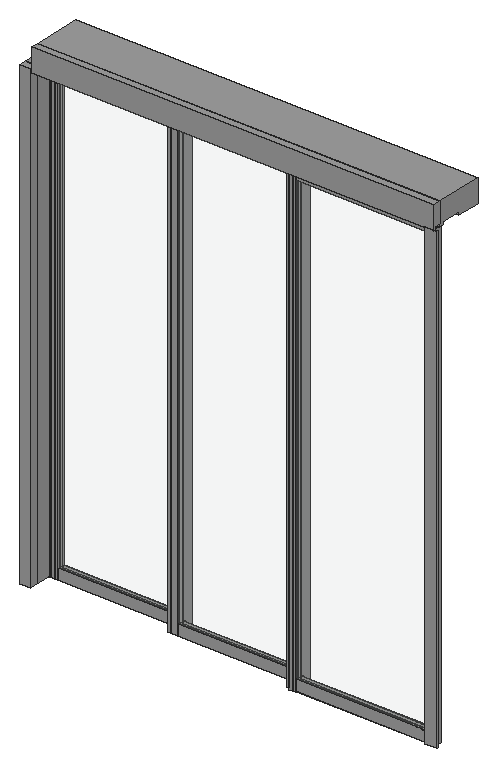
Revit family "agtatec_Record_SldngDrset_E-TSA-Telescopic_WallBased", category Doors, host Wall, Revit 2015 (continued)
Definition of nested family "E-TSA Telescopic"
  Definition of nested family "Outer Panel"
    Automatic sketch dimensions
      Extrusion 2 sketch curve to Extrusion 2 sketch curve = 27.00 mm
      Extrusion 3 sketch curve to plane 1 "Center (Front/Back)" = 0.00 mm
      Extrusion 3 sketch curve to plane 5 = 0.00 mm
      Extrusion 3 sketch curve to plane 1 "Center (Front/Back)" = 2.50 mm
      plane 8 to Extrusion 3 sketch curve = 3.00 mm
      Extrusion 3 sketch curve to Extrusion 3 sketch curve = 27.00 mm
      Extrusion 3 sketch curve to Extrusion 3 sketch curve = 2.50 mm
      Extrusion 3 sketch curve to plane 8 = 13.00 mm  (x2)
      Extrusion 4 sketch curve to plane 11 = 0.00 mm
      Extrusion 4 sketch curve to plane 10 = 0.00 mm
      Extrusion 4 sketch curve to plane 1 "Center (Front/Back)" = 4.00 mm
      Extrusion 4 sketch curve to Extrusion 4 sketch curve = 24.00 mm
      Extrusion 5 sketch curve to plane 1 "Center (Front/Back)" = 0.00 mm
      Extrusion 5 sketch curve to level = 0.00 mm
      Extrusion 5 sketch curve to plane 1 "Center (Front/Back)" = 3.25 mm
      Extrusion 5 sketch curve to plane 1 "Center (Front/Back)" = 2.50 mm
      level to Extrusion 5 sketch curve = 5.00 mm
      Extrusion 5 sketch curve to Extrusion 5 sketch curve = 25.50 mm
      plane 9 "Above" to Extrusion 5 sketch curve = 13.00 mm  (x2)
      Extrusion 5 sketch curve to Extrusion 5 sketch curve = 27.00 mm
      Extrusion 5 sketch curve to Extrusion 5 sketch curve = 2.50 mm
      Extrusion 5 sketch curve to Extrusion 5 sketch curve = 5.00 mm
      Extrusion 5 sketch curve to plane 9 "Above" = 3.00 mm
      plane 1 "Center (Front/Back)" to Masking region 1 sketch curve = 0.00 mm
      curve 9 to plane 10 = 0.00 mm
      curve 3 to plane 6 = 0.00 mm
      curve 5 to plane 6 = 0.00 mm
      curve 4 to plane 7 = 0.00 mm
      curve 3 to plane 7 = 0.00 mm
      curve 15 to plane 11 = 0.00 mm
      plane 1 "Center (Front/Back)" to curve 18 = 0.00 mm
      plane 1 "Center (Front/Back)" to curve 20 = 0.00 mm
      curve 5 to plane 10 = 2.50 mm
      curve 11 to plane 11 = 2.50 mm
      curve 7 to plane 1 "Center (Front/Back)" = 2.50 mm
      curve 12 to plane 1 "Center (Front/Back)" = 2.50 mm
      curve 15 to curve 12 = 1.50 mm
      curve 4 to curve 14 = 0.00 mm
      curve 10 to curve 4 = 0.00 mm
      curve 16 to curve 14 = 24.00 mm
      curve 11 to curve 3 = 1.50 mm
      curve 5 to curve 3 = 1.50 mm
      curve 1 to curve 5 = 2.50 mm
      curve 2 to curve 11 = 2.50 mm
      Masking region 1 sketch curve to plane 3 "Center (Left/Right)" = 0.00 mm
      Masking region 1 sketch curve to plane 13 = 0.00 mm
      Masking region 1 sketch curve to plane 12 = 0.00 mm
  Definition of nested family "Interlacing profile - Outer"
    Parameters
      Wall Mounting Option 2 = no
      Side Panel = yes
      Panel Frames = none
      Opposite Panel = no
      Interlancing Profile Height = 2195.00 mm
      Interlacing profile 5 = and(Wall Mounting Option 2, Opposite Panel)  # no
      Interlacing profile 4 = no
      Interlacing profile 3 = and(Wall Mounting Option 2, Side Panel)  # no
      Interlacing profile 2 = and(Opposite Panel, not(Interlacing profile 5), not(Interlacing profile 1))  # no
      Interlacing profile 1 = yes
    Reference planes
      plane 1 "Center (Front/Back)": y = 0
      plane 2: z = 0
      plane 3 "Center (Left/Right)": x = 0
      plane 4: z = 2195
      plane 5 "Above": z = 40
      plane 6: y = -12
      plane 7: x = -32
    Forms (mm)
      Extrusion 1, solid, material <- "Panel Frames", visible <- "Interlacing profile 1"
        sketch origin (0, 0, 0) x (1, 0, 0) y (0, 1, 0)
          loop
            line (0, 0) -> (-32, 0) -> (-32, -12) -> (17, -12) -> (17, 10) -> (0, 10) -> (0, 0)
        from 0 to 2195
      Extrusion 2, solid, material <- "Panel Frames", visible <- "Interlacing profile 2"
        sketch origin (0, 0, 0) x (1, 0, 0) y (0, 1, 0)
          loop
            line (-37, -7) -> (0, -7) -> (0, 43) -> (-37, 43) -> (-37, -7)
        from 0 to 2195
      Extrusion 3, solid, material <- "Panel Frames", visible <- "Interlacing profile 3"
        sketch origin (-37, 0, 0) x (1, 0, 0) y (0, 1, 0)
          loop
            line (17, 10) -> (1.7, 10) -> (1.7, 32) -> (0, 32) -> (0, -12) -> (17, -12) -> (17, 10)
        from 0 to 2195
      Extrusion 4, solid, material <- "Panel Frames", visible <- "Interlacing profile 2"
        sketch origin (0, 0, 0) x (-1, 0, 0) y (0, -1, 0)
          loop
            line (-104, 7) -> (-104, -43) -> (0, -43) -> (0, 7) -> (-104, 7)
        from 0 to 2195
      Extrusion 5, solid, material <- "Panel Frames", visible <- "Interlacing profile 2"
        sketch origin (0, -14, 0) x (-1, 0, 0) y (0, -1, 0)
          loop
            line (-104, -7) -> (-72, -7) -> (-72, -2) -> (-104, -2) -> (-104, -7)
        from 0 to 2195
      Extrusion 6, solid, material <- "Panel Frames", visible <- "Interlacing profile 4"
        sketch origin (0, 0, 0) x (1, 0, 0) y (0, 1, 0)
          loop
            line (-33.5, 7.5) -> (-33.5, 32) -> (-37, 32) -> (-37, -12) -> (17, -12) -> (17, 10) -> (4.45, 10) -> (4.45, 7.5) -> (-33.5, 7.5)
        from 0 to 2195
      Extrusion 7, solid, material <- "Panel Frames", visible <- "Interlacing profile 5"
        sketch origin (-37, 0, 0) x (-1, 0, 0) y (0, -1, 0)
          loop
            line (-104, 7) -> (-104, -43) -> (0, -43) -> (0, 7) -> (-104, 7)
        from 0 to 2195
      Extrusion 8, solid, material <- "Panel Frames", visible <- "Interlacing profile 5"
        sketch origin (-37, -14, 0) x (-1, 0, 0) y (0, -1, 0)
          loop
            line (-104, -7) -> (-72, -7) -> (-72, -2) -> (-104, -2) -> (-104, -7)
        from 0 to 2195
    Lines and regions (mm)
      Masking region 1, visible <- "Interlacing profile 1"
        outline origin (0, 0, 0) x (1, 0, 0) y (0, 1, 0)
          loop
            line (0, 10) -> (0, 0) -> (-32, 0) -> (-32, -12) -> (17, -12) -> (17, 10) -> (0, 10)
      Masking region 2, visible <- "Interlacing profile 2"
        outline origin (0, 0, 0) x (1, 0, 0) y (0, 1, 0)
          loop
            line (104, -12) -> (104, 43) -> (-37, 43) -> (-37, -7) -> (72, -7) -> (72, -12) -> (104, -12)
      Masking region 3, visible <- "Interlacing profile 3"
        outline origin (-37, 0, 0) x (1, 0, 0) y (0, 1, 0)
          loop
            line (17, 10) -> (1.7, 10) -> (1.7, 32) -> (0, 32) -> (0, -12) -> (17, -12) -> (17, 10)
      Masking region 4, visible <- "Interlacing profile 4"
        outline origin (0, 0, 0) x (1, 0, 0) y (0, 1, 0)
          loop
            line (-37, 32) -> (-37, -12) -> (17, -12) -> (17, 10) -> (4.45, 10) -> (4.45, 7.5) -> (-33.5, 7.5) -> (-33.5, 32) -> (-37, 32)
      Masking region 5, visible <- "Interlacing profile 5"
        outline origin (-37, 0, 0) x (1, 0, 0) y (0, 1, 0)
          loop
            line (104, -12) -> (104, 43) -> (0, 43) -> (0, -7) -> (72, -7) -> (72, -12) -> (104, -12)
      symbolic lines, visible <- "Interlacing profile 1", detail levels medium+fine
        curve 1: line (0, 10, 40) -> (0, 0, 40)
        curve 2: line (0, 0, 40) -> (-32, 0, 40)
      symbolic lines, visible <- "Interlacing profile 2"
        curve 3: line (0, 43, 40) -> (0, -7, 40)
        curve 4: line (72, -7, 40) -> (104, -7, 40)
      symbolic lines, visible <- "Interlacing profile 5"
        curve 5: line (35, -7, 40) -> (67, -7, 40)
    Dimensions and locks
      "Interlancing Profile Height": plane 4 to level
      aligned and locked: plane 4 to Extrusion 1
      aligned and locked: plane 4 to Extrusion 2
      aligned and locked: plane 4 to Extrusion 3
      aligned and locked: Extrusion 1 to plane 6
      aligned and locked: plane 4 to Extrusion 4
      aligned and locked: plane 4 to Extrusion 5
      aligned and locked: plane 4 to Extrusion 6
      aligned and locked: plane 4 to Extrusion 7
      aligned and locked: plane 4 to Extrusion 8
    Automatic sketch dimensions
      Extrusion 1 sketch curve to plane 6 = 0.00 mm
      Extrusion 1 sketch curve to plane 7 = 0.00 mm
      Extrusion 1 sketch curve to plane 3 "Center (Left/Right)" = 0.00 mm
      plane 1 "Center (Front/Back)" to Extrusion 1 sketch curve = 0.00 mm
      plane 3 "Center (Left/Right)" to Extrusion 1 sketch curve = 17.00 mm
      Extrusion 1 sketch curve to plane 1 "Center (Front/Back)" = 10.00 mm
      Masking region 1 sketch curve to plane 6 = 0.00 mm
      Masking region 1 sketch curve to plane 7 = 0.00 mm
      plane 1 "Center (Front/Back)" to Masking region 1 sketch curve = 0.00 mm
      Masking region 1 sketch curve to plane 3 "Center (Left/Right)" = 0.00 mm
      plane 3 "Center (Left/Right)" to Masking region 1 sketch curve = 17.00 mm
      Masking region 1 sketch curve to Masking region 1 sketch curve = 10.00 mm
      curve 3 to plane 3 "Center (Left/Right)" = 0.00 mm
      plane 1 "Center (Front/Back)" to curve 2 = 0.00 mm
      curve 2 to plane 3 "Center (Left/Right)" = 0.00 mm
      curve 2 to plane 7 = 0.00 mm
      plane 6 to curve 5 = 5.00 mm
      plane 3 "Center (Left/Right)" to curve 5 = 35.00 mm
      curve 5 to curve 5 = 32.00 mm
      curve 4 to curve 5 = 5.00 mm
      plane 6 to curve 4 = 5.00 mm
      curve 4 to curve 4 = 32.00 mm
      curve 1 to plane 1 "Center (Front/Back)" = 10.00 mm
      curve 3 to curve 1 = 33.00 mm
      plane 6 to curve 3 = 5.00 mm
      Extrusion 2 sketch curve to plane 3 "Center (Left/Right)" = 0.00 mm
      plane 7 to Extrusion 2 sketch curve = 5.00 mm
      plane 6 to Extrusion 2 sketch curve = 5.00 mm
      Extrusion 2 sketch curve to plane 1 "Center (Front/Back)" = 43.00 mm
      Extrusion 3 sketch curve to plane 6 = 0.00 mm
      plane 7 to Extrusion 3 sketch curve = 5.00 mm
      Extrusion 3 sketch curve to Extrusion 3 sketch curve = 1.70 mm
      Extrusion 3 sketch curve to plane 7 = 12.00 mm
      Extrusion 3 sketch curve to plane 1 "Center (Front/Back)" = 10.00 mm
      Extrusion 3 sketch curve to Extrusion 3 sketch curve = 22.00 mm
      plane 6 to Masking region 2 sketch curve = 0.00 mm
      plane 7 to Masking region 2 sketch curve = 5.00 mm
      plane 3 "Center (Left/Right)" to Masking region 2 sketch curve = 72.00 mm
      Masking region 2 sketch curve to Masking region 2 sketch curve = 32.00 mm
      Masking region 2 sketch curve to Masking region 2 sketch curve = 5.00 mm
      Masking region 2 sketch curve to plane 1 "Center (Front/Back)" = 43.00 mm
      Masking region 3 sketch curve to plane 6 = 0.00 mm
      plane 7 to Masking region 3 sketch curve = 5.00 mm
      plane 7 to Masking region 3 sketch curve = 3.30 mm
      Masking region 3 sketch curve to plane 7 = 12.00 mm
      Masking region 3 sketch curve to plane 1 "Center (Front/Back)" = 10.00 mm
      Masking region 3 sketch curve to Masking region 3 sketch curve = 22.00 mm
      Extrusion 4 sketch curve to plane 3 "Center (Left/Right)" = 0.00 mm
      Extrusion 4 sketch curve to plane 6 = 5.00 mm
      Extrusion 4 sketch curve to plane 3 "Center (Left/Right)" = 104.00 mm
      plane 1 "Center (Front/Back)" to Extrusion 4 sketch curve = 43.00 mm
      plane 6 to Extrusion 5 sketch curve = 0.00 mm
      plane 3 "Center (Left/Right)" to Extrusion 5 sketch curve = 104.00 mm
      plane 6 to Extrusion 5 sketch curve = 5.00 mm
      Extrusion 5 sketch curve to Extrusion 5 sketch curve = 32.00 mm
      Extrusion 6 sketch curve to plane 6 = 0.00 mm
      plane 7 to Extrusion 6 sketch curve = 5.00 mm
      plane 7 to Extrusion 6 sketch curve = 1.50 mm
      plane 3 "Center (Left/Right)" to Extrusion 6 sketch curve = 4.45 mm
      plane 3 "Center (Left/Right)" to Extrusion 6 sketch curve = 17.00 mm
      Extrusion 6 sketch curve to plane 1 "Center (Front/Back)" = 7.50 mm
      Extrusion 6 sketch curve to plane 1 "Center (Front/Back)" = 10.00 mm
      Extrusion 6 sketch curve to Extrusion 6 sketch curve = 24.50 mm
      Masking region 4 sketch curve to plane 6 = 0.00 mm
      plane 7 to Masking region 4 sketch curve = 5.00 mm
      plane 7 to Masking region 4 sketch curve = 1.50 mm
      plane 3 "Center (Left/Right)" to Masking region 4 sketch curve = 4.45 mm
      plane 3 "Center (Left/Right)" to Masking region 4 sketch curve = 17.00 mm
      Masking region 4 sketch curve to plane 1 "Center (Front/Back)" = 7.50 mm
      Masking region 4 sketch curve to Masking region 4 sketch curve = 2.50 mm
      Masking region 4 sketch curve to Masking region 4 sketch curve = 24.50 mm
      plane 6 to Masking region 5 sketch curve = 0.00 mm
      plane 6 to Masking region 5 sketch curve = 5.00 mm
      plane 7 to Masking region 5 sketch curve = 5.00 mm
      plane 3 "Center (Left/Right)" to Masking region 5 sketch curve = 35.00 mm
      Masking region 5 sketch curve to Masking region 5 sketch curve = 32.00 mm
      Masking region 5 sketch curve to plane 1 "Center (Front/Back)" = 43.00 mm
      Extrusion 7 sketch curve to plane 3 "Center (Left/Right)" = 67.00 mm
      Extrusion 7 sketch curve to plane 7 = 5.00 mm
      Extrusion 7 sketch curve to plane 6 = 5.00 mm
      plane 1 "Center (Front/Back)" to Extrusion 7 sketch curve = 43.00 mm
      plane 6 to Extrusion 8 sketch curve = 0.00 mm
      plane 3 "Center (Left/Right)" to Extrusion 8 sketch curve = 67.00 mm
      plane 6 to Extrusion 8 sketch curve = 5.00 mm
      Extrusion 8 sketch curve to Extrusion 8 sketch curve = 32.00 mm
  Definition of nested family "Interlacing profile - Inner"
    Parameters
      Wall Mounting Option 2 = no
      Side Panel = yes
      Panel Frames = none
      Interlancing Profile Height = 2195.00 mm
      Interlacing profile 5 = and(Wall Mounting Option 2, not(Side Panel))  # no
      Interlacing profile 4 = and(not(Wall Mounting Option 2), not(Side Panel))  # no
      Interlacing profile 1 = Side Panel  # yes
    Reference planes
      plane 1 "Center (Front/Back)": y = 0
      plane 2: z = 0
      plane 3 "Center (Left/Right)": x = 0
      plane 4: z = 2195
      plane 5 "Above": z = 40
      plane 6: y = -12
      plane 7: x = -32
    Forms (mm)
      Extrusion 1, solid, material <- "Panel Frames", visible <- "Interlacing profile 1"
        sketch origin (0, 0, 0) x (1, 0, 0) y (0, 1, 0)
          loop
            line (0, 0) -> (-32, 0) -> (-32, -12) -> (17, -12) -> (17, 10) -> (0, 10) -> (0, 0)
        from 0 to 2195
      Extrusion 2, solid, material <- "Panel Frames", visible <- "Interlacing profile 4"
        sketch origin (0, 0, 0) x (1, 0, 0) y (0, 1, 0)
          loop
            line (0, 0) -> (-32, 0) -> (-32, -12) -> (49, -12) -> (49, -10) -> (12, -10) -> (12, 10) -> (0, 10) -> (0, 0)
        from 0 to 2195
      Extrusion 3, solid, material <- "Panel Frames", visible <- "Interlacing profile 5"
        sketch origin (0, 0, 0) x (1, 0, 0) y (0, 1, 0)
          loop
            line (0, 0) -> (-32, 0) -> (-32, -12) -> (12, -12) -> (12, 10) -> (0, 10) -> (0, 0)
        from 0 to 2195
    Lines and regions (mm)
      Masking region 1, visible <- "Interlacing profile 1"
        outline origin (0, 0, 0) x (1, 0, 0) y (0, 1, 0)
          loop
            line (0, 10) -> (0, 0) -> (-32, 0) -> (-32, -12) -> (17, -12) -> (17, 10) -> (0, 10)
      Masking region 2, visible <- "Interlacing profile 4"
        outline origin (0, 0, 0) x (1, 0, 0) y (0, 1, 0)
          loop
            line (0, 0) -> (-32, 0) -> (-32, -12) -> (49, -12) -> (49, -10) -> (12, -10) -> (12, 10) -> (0, 10) -> (0, 0)
      Masking region 3, visible <- "Interlacing profile 5"
        outline origin (0, 0, 0) x (1, 0, 0) y (0, 1, 0)
          loop
            line (12, -12) -> (12, 10) -> (0, 10) -> (0, 0) -> (-32, 0) -> (-32, -12) -> (12, -12)
      symbolic lines, detail levels medium+fine
        curve 1: line (0, 10, 40) -> (0, 0, 40)
        curve 2: line (0, 0, 40) -> (-32, 0, 40)
    Dimensions and locks
      "Interlancing Profile Height": plane 4 to level
      aligned and locked: plane 4 to Extrusion 1
      aligned and locked: Extrusion 1 to plane 6
      aligned and locked: plane 4 to Extrusion 2
      aligned and locked: plane 4 to Extrusion 3
    Automatic sketch dimensions
      plane 1 "Center (Front/Back)" to Extrusion 1 sketch curve = 0.00 mm
      Extrusion 1 sketch curve to plane 3 "Center (Left/Right)" = 0.00 mm
      plane 1 "Center (Front/Back)" to Extrusion 1 sketch curve = 12.00 mm
      Extrusion 1 sketch curve to plane 3 "Center (Left/Right)" = 32.00 mm
      plane 3 "Center (Left/Right)" to Extrusion 1 sketch curve = 17.00 mm
      Extrusion 1 sketch curve to plane 1 "Center (Front/Back)" = 10.00 mm
      plane 1 "Center (Front/Back)" to Masking region 1 sketch curve = 0.00 mm
      Masking region 1 sketch curve to plane 3 "Center (Left/Right)" = 0.00 mm
      plane 1 "Center (Front/Back)" to Masking region 1 sketch curve = 12.00 mm
      Masking region 1 sketch curve to plane 3 "Center (Left/Right)" = 32.00 mm
      Masking region 1 sketch curve to Masking region 1 sketch curve = 17.00 mm
      Masking region 1 sketch curve to Masking region 1 sketch curve = 10.00 mm
      plane 1 "Center (Front/Back)" to Extrusion 2 sketch curve = 0.00 mm
      Extrusion 2 sketch curve to plane 3 "Center (Left/Right)" = 0.00 mm
      plane 6 to Extrusion 2 sketch curve = 0.00 mm
      Extrusion 2 sketch curve to plane 3 "Center (Left/Right)" = 32.00 mm
      plane 3 "Center (Left/Right)" to Extrusion 2 sketch curve = 12.00 mm
      plane 6 to Extrusion 2 sketch curve = 2.00 mm
      Extrusion 2 sketch curve to Extrusion 2 sketch curve = 37.00 mm
      Extrusion 2 sketch curve to plane 1 "Center (Front/Back)" = 10.00 mm
      Extrusion 3 sketch curve to plane 6 = 0.00 mm
      plane 1 "Center (Front/Back)" to Extrusion 3 sketch curve = 0.00 mm
      Extrusion 3 sketch curve to plane 3 "Center (Left/Right)" = 0.00 mm
      Extrusion 3 sketch curve to plane 3 "Center (Left/Right)" = 32.00 mm
      Extrusion 3 sketch curve to Extrusion 3 sketch curve = 12.00 mm
      Extrusion 3 sketch curve to plane 1 "Center (Front/Back)" = 10.00 mm
      Masking region 2 sketch curve to plane 6 = 0.00 mm
      plane 1 "Center (Front/Back)" to Masking region 2 sketch curve = 0.00 mm
      Masking region 2 sketch curve to plane 3 "Center (Left/Right)" = 0.00 mm
      Masking region 2 sketch curve to plane 3 "Center (Left/Right)" = 32.00 mm
      plane 3 "Center (Left/Right)" to Masking region 2 sketch curve = 12.00 mm
      Masking region 2 sketch curve to Masking region 2 sketch curve = 37.00 mm
      plane 6 to Masking region 2 sketch curve = 2.00 mm
      Masking region 2 sketch curve to plane 1 "Center (Front/Back)" = 10.00 mm
      plane 1 "Center (Front/Back)" to Masking region 3 sketch curve = 0.00 mm
      Masking region 3 sketch curve to plane 6 = 0.00 mm
      Masking region 3 sketch curve to plane 3 "Center (Left/Right)" = 0.00 mm
      Masking region 3 sketch curve to plane 3 "Center (Left/Right)" = 32.00 mm
      plane 3 "Center (Left/Right)" to Masking region 3 sketch curve = 12.00 mm
      Masking region 3 sketch curve to plane 1 "Center (Front/Back)" = 10.00 mm
      plane 1 "Center (Front/Back)" to curve 1 = 0.00 mm
      curve 1 to plane 3 "Center (Left/Right)" = 0.00 mm
      curve 2 to plane 3 "Center (Left/Right)" = 32.00 mm
      curve 1 to plane 1 "Center (Front/Back)" = 10.00 mm
Types (13, lengths in mm): name | Without side panels | TotalWidth | TotalHeight | Support Length Right | Support Length Left | Side void right | Side void left | Right Profile | Right Panel | Right | Left Profile | Left Panel | Left | Interlacing profile right | Interlacing profile left | DriveUnitHeight | Drive Depth 2 | Width | Rough Width | Rough Height | NominalWidth | NominalHeight | Height | CenterOfDoor
  (no name) | no | 1955.00 | 2295.00 | 600.00 | 1300.00 | 600.00 | 1253.00 | no | no | no | yes | yes | yes | no | no | 108.00 | 5.00 | 1955.00 | 1961.00 | 2301.00 | 1955.00 | 2295.00 | 2295.00 | 1650.00
  E-TSA-L 150 mm drive unit height - left - with side panel | no | 1955.00 | 2337.00 | 600.00 | 1300.00 | 600.00 | 1253.00 | no | no | no | yes | yes | yes | no | no | 150.00 | 5.00 | 1955.00 | 1961.00 | 2343.00 | 1955.00 | 2337.00 | 2337.00 | 1650.00
  E-TSA-L 150 mm drive unit height - left - without side panel | yes | 1299.00 | 2337.00 | 600.00 | 1300.00 | 600.00 | 600.00 | no | no | no | no | no | yes | no | yes | 150.00 | 37.00 | 1299.00 | 1305.00 | 2343.00 | 1299.00 | 2337.00 | 2337.00 | 1650.00
  E-TSA-R 150 mm drive unit height - right - with side panel | no | 1955.00 | 2337.00 | 1300.00 | 600.00 | 1253.00 | 600.00 | yes | yes | yes | no | no | no | no | no | 150.00 | 5.00 | 1955.00 | 1961.00 | 2343.00 | 1955.00 | 2337.00 | 2337.00 | 950.00
  E-TSA-R 150 mm drive unit height - right - without side panel | yes | 1299.00 | 2337.00 | 1300.00 | 600.00 | 600.00 | 600.00 | no | no | yes | no | no | no | yes | no | 150.00 | 37.00 | 1299.00 | 1305.00 | 2343.00 | 1299.00 | 2337.00 | 2337.00 | 950.00
  E-TSA-L 200 mm drive unit height - left - with side panel | no | 1955.00 | 2387.00 | 600.00 | 1300.00 | 600.00 | 1253.00 | no | no | no | yes | yes | yes | no | no | 200.00 | 5.00 | 1955.00 | 1961.00 | 2393.00 | 1955.00 | 2387.00 | 2387.00 | 1650.00
  E-TSA-L 200 mm drive unit height - left - without side panel | yes | 1299.00 | 2387.00 | 600.00 | 1300.00 | 600.00 | 600.00 | no | no | no | no | no | yes | no | yes | 200.00 | 37.00 | 1299.00 | 1305.00 | 2393.00 | 1299.00 | 2387.00 | 2387.00 | 1650.00
  E-TSA-R 200 mm drive unit height - right - with side panel | no | 1955.00 | 2387.00 | 1300.00 | 600.00 | 1253.00 | 600.00 | yes | yes | yes | no | no | no | no | no | 200.00 | 5.00 | 1955.00 | 1961.00 | 2393.00 | 1955.00 | 2387.00 | 2387.00 | 950.00
  E-TSA-R 200 mm drive unit height - right - without side panel | yes | 1299.00 | 2387.00 | 1300.00 | 600.00 | 600.00 | 600.00 | no | no | yes | no | no | no | yes | no | 200.00 | 37.00 | 1299.00 | 1305.00 | 2393.00 | 1299.00 | 2387.00 | 2387.00 | 950.00
  E-TSA-L 108 mm drive unit height - left - with side panel | no | 1955.00 | 2295.00 | 600.00 | 1300.00 | 600.00 | 1253.00 | no | no | no | yes | yes | yes | no | no | 108.00 | 5.00 | 1955.00 | 1961.00 | 2301.00 | 1955.00 | 2295.00 | 2295.00 | 1650.00
  E-TSA-L 108 mm drive unit height - left - without side panel | yes | 1299.00 | 2295.00 | 600.00 | 1300.00 | 600.00 | 600.00 | no | no | no | no | no | yes | no | yes | 108.00 | 37.00 | 1299.00 | 1305.00 | 2301.00 | 1299.00 | 2295.00 | 2295.00 | 1650.00
  E-TSA-R 108 mm drive unit height - right - with side panel | no | 1955.00 | 2295.00 | 1300.00 | 600.00 | 1253.00 | 600.00 | yes | yes | yes | no | no | no | no | no | 108.00 | 5.00 | 1955.00 | 1961.00 | 2301.00 | 1955.00 | 2295.00 | 2295.00 | 950.00
  E-TSA-R 108 mm drive unit height - right - without side panel | yes | 1299.00 | 2295.00 | 1300.00 | 600.00 | 600.00 | 600.00 | no | no | yes | no | no | no | yes | no | 108.00 | 37.00 | 1299.00 | 1305.00 | 2301.00 | 1299.00 | 2295.00 | 2295.00 | 950.00
